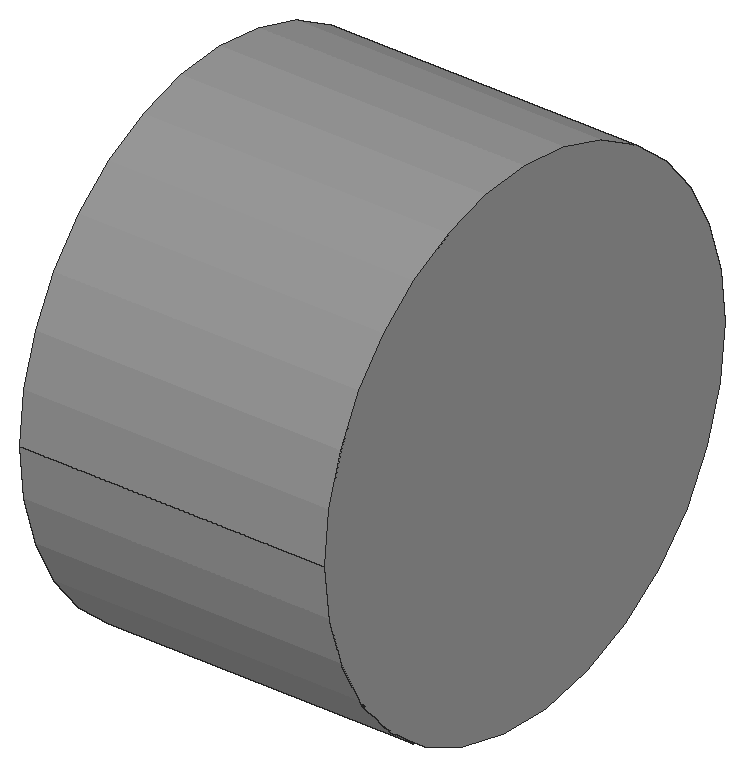
Revit family "d975e6a160d14e44bf034547b6f12ea1", category Structural Rebar Couplers, Revit 2021
Family settings
  Work Plane-Based = No
  Always vertical = No
  Cut with Voids When Loaded = No
  Shared = No
Parameters (values of type "HA#8")
  External Diameter = 0' - 2 1/4"
  Symbol Width = 0' - 3.15"
  Symbol Length = 0' - 1.93"
  Material = Steel
  Total Length = 0' - 1 3/8"
  End Treatment 2 = None
  End Treatment 1 = Threaded
  Bar Size 2 = None
  Bar Size 1 = #8
  Bar Engagement 2 = 0' - 0"
  Bar Engagement 1 = 0' - 1"
Types (10): name | External Diameter | Symbol Width | Symbol Length | Total Length | Bar Size 1 | Bar Engagement 1
  HA#8 | 0' - 2 1/4" | 0' - 3.15" | 0' - 1.93" | 0' - 1 3/8" | #8 | 0' - 1"
  HA#18 | 0' - 5 1/8" | 0' - 5.64" | 0' - 3.03" | 0' - 2 3/4" | #18 | 0' - 2 1/2"
  HA#14 | 0' - 4" | 0' - 4.8" | 0' - 2.55" | 0' - 2 1/8" | #14 | 0' - 2"
  HA#11 | 0' - 3 1/4" | 0' - 4.23" | 0' - 2.19" | 0' - 1 11/16" | #11 | 0' - 1 1/2"
  HA#10 | 0' - 3" | 0' - 3.9" | 0' - 2.03" | 0' - 1 9/16" | #10 | 0' - 1 1/2"
  HA#9 | 0' - 2 3/4" | 0' - 3.85" | 0' - 2.1" | 0' - 1 1/2" | #9 | 0' - 1 1/2"
  HA#7 | 0' - 2" | 0' - 2.8" | 0' - 1 3/4" | 0' - 1 1/4" | #7 | 0' - 1"
  HA#6 | 0' - 1 7/8" | 0' - 2.63" | 0' - 1.58" | 0' - 1 1/8" | #6 | 0' - 1"
  HA#5 | 0' - 1 1/2" | 0' - 2 1/4" | 0' - 1.31" | 0' - 0 7/8" | #5 | 0' - 1"
  HA#4 | 0' - 1 3/8" | 0' - 2.06" | 0' - 0.84" | 0' - 0 9/16" | #4 | 0' - 0 1/2"
Reference planes (in)
  plane 1: y = 0
  plane 2: z = 0
  plane 3: x = 0
  plane 4: y = 1.575
  plane 5: y = -1.575
  plane 6: x = -0.6875
  plane 7: x = 0.6875
  plane 8: x = -0.965
  plane 9: x = 0.965
Forms (in)
  Extrusion 1, solid, material "Steel" <- "Material"
    sketch origin (-0.6875, 2.95276, 47.24409) x (0, 1, 0) y (0, 0, 1)
      loop
        circle (-2.95276, -47.24409) r 1.125
    from 0 to 1.375
Lines and regions (in)
  symbolic lines
    curve 1: line (-0.965, 1.575, 0) -> (0.965, 1.575, 0)
    curve 2: line (-0.965, -1.575, 0) -> (-0.965, 1.575, 0)
    curve 3: line (0.965, -1.575, 0) -> (-0.965, -1.575, 0)
    curve 4: line (0.965, 1.575, 0) -> (0.965, -1.575, 0)
  reference lines
    curve 5: circle (-0.6875, 0, 0) r 1.125 normal (1, 0, 0)
Text (in)
  text "Bar 1" at (-10.81531, 0.32318, 0), in view "Base"
  text "Bar 2" at (10.18742, 0.32318, 0), in view "Base"
Dimensions and locks (in)
  "Symbol Length": plane 8 to plane 9
  equal spacing: plane 8, plane 3, plane 9
  "Total Length": plane 6 to plane 7
  equal spacing: plane 6, plane 3, plane 7
  "Symbol Width": plane 4 to plane 5
  equal spacing: plane 4, plane 1, plane 5
  "External Diameter": diameter of curve 5
  aligned and locked: curve 1 to plane 4
  aligned and locked: plane 8 to curve 2
  aligned and locked: plane 5 to curve 3
  aligned and locked: curve 4 to plane 9
  aligned and locked: Extrusion 1 sketch curve to curve 5
  aligned and locked: plane 7 to Extrusion 1
Automatic sketch dimensions
  curve 5 to level = 0' - 0"
  curve 5 to plane 1 = 0' - 0"
